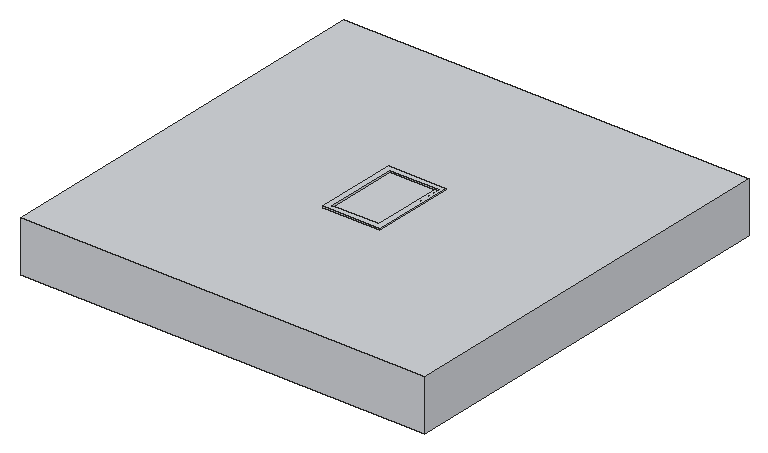
Revit family "M_Grelha de retorno - Retangular - Hospedada", category Terminais de ar, Revit 2019
Family settings
  Hospedeiro = Face
  Cota do conector redondo = Utilizar diâmetro
  Tipo de parte = Normal
  Número OmniClass = 23.75.70.21.27.11
  Título OmniClass = Diffusers, Registers, and Grilles
  ID de item do Seek = Return Grille - Rectangular - Hosted-0000-CAN-ENU
  Corte com vazios quando carregada = Não
  Compartilhado = Não
  Ponto de cálculo do ambiente = Não
Parameters (values of type "Padrão")
  Largura do duto [instance] = 300 mm
  Queda de pressão [instance] = 23.0 Pa
  Fluxo [instance] = 375.0 L/s
  Largura da grelha [instance] = Largura do duto + 45 mm  # 345 mm
  Altura da grelha [instance] = Altura do duto + 45 mm  # 495 mm
  NC = "20"
  Altura do duto [instance] = 450 mm
  Altura de meia grelha [instance] = Altura da grelha / 2  # 247.5 mm
  Elevação-padrão = 1200 mm
Reference planes
  plane 1 "Centro (Frente/Trás)": y = 0
  plane 2: z = 0
  plane 3 "Centro (Esquerda/Direita)": x = 0
  plane 4: y = 247.5
  plane 5: y = -247.5
  plane 6: x = -172.5
  plane 7: x = 172.5
  plane 8: y = 225
  plane 9: y = -225
  plane 10: x = -150
  plane 11: x = 150
  plane 12: y = 215.75
  plane 13: y = -215.75
  plane 14: x = 140.75
  plane 15: x = -140.75
  plane 16: z = 6.35
  plane 17: z = -19.05
  plane 18: z = -44.45
Forms (mm)
  Extrusion 1, solid
    sketch origin (0, 0, 0) x (1, 0, 0) y (0, 1, 0)
      loop
        line (-1219.2, 1215.6) -> (-1219.2, -1215.6) -> (1219.2, -1215.6) -> (1219.2, 1215.6) -> (-1219.2, 1215.6)
    from 0 to -304.8
  Extrusion 2, solid
    sketch origin (0, 0, 0) x (1, 0, 0) y (0, 1, 0)
      loop
        line (-172.5, 247.5) -> (-172.5, -247.5) -> (172.5, -247.5) -> (172.5, 247.5) -> (-172.5, 247.5)
    from 0 to 6.35
  Extrusion 3, solid
    sketch origin (0, 0, 0) x (1, 0, 0) y (0, 1, 0)
      loop
        line (-150, 225) -> (-150, -225) -> (150, -225) -> (150, 225) -> (-150, 225)
    from 0 to -44.45
  Extrusion 4, void
    sketch origin (0, 0, 0) x (1, 0, 0) y (0, 1, 0)
      loop
        line (-140.75, 215.75) -> (-140.75, -215.75) -> (140.75, -215.75) -> (140.75, 215.75) -> (-140.75, 215.75)
    from 6.35 to -19.05
Cuts and joins
  Extrusion 4 cuts Extrusion 2
  Extrusion 4 cuts Extrusion 3
  joined: Extrusion 2, Extrusion 3
Lines and regions (mm)
  symbolic lines
    curve 1: line (-172.5, 247.5, 0) -> (172.5, -247.5, 0)
Dimensions and locks
  "Altura da grelha": plane 5 to plane 4
  equal spacing: plane 6, plane 3 "Centro (Esquerda/Direita)", plane 7
  "Largura da grelha": plane 6 to plane 7
  equal spacing: plane 9, plane 1 "Centro (Frente/Trás)", plane 8
  "Altura do duto": plane 9 to plane 8
  equal spacing: plane 10, plane 3 "Centro (Esquerda/Direita)", plane 11
  "Largura do duto": plane 10 to plane 11
  locked: plane 12 to plane 4 at 31.75
  locked: plane 13 to plane 5 at 31.75
  locked: plane 14 to plane 7 at 31.75
  locked: plane 6 to plane 15 at 31.75
  locked: plane 16 to plane 2 at 6.35
  locked: plane 17 to plane 2 at 19.05
  locked: plane 18 to plane 17 at 25.4
  "Altura de meia grelha": plane 1 "Centro (Frente/Trás)" to plane 4
  "Altura de meia grelha": plane 5 to plane 1 "Centro (Frente/Trás)"
  aligned and locked: plane 2 to Extrusion 1
  aligned and locked: level to Extrusion 1
  aligned and locked: plane 6 to Extrusion 2 sketch curve
  aligned and locked: plane 4 to Extrusion 2 sketch curve
  aligned and locked: plane 5 to Extrusion 2 sketch curve
  aligned and locked: plane 7 to Extrusion 2 sketch curve
  aligned and locked: plane 10 to Extrusion 3 sketch curve
  aligned and locked: plane 8 to Extrusion 3 sketch curve
  aligned and locked: plane 9 to Extrusion 3 sketch curve
  aligned and locked: plane 11 to Extrusion 3 sketch curve
  aligned and locked: plane 15 to Extrusion 4 sketch curve
  aligned and locked: plane 12 to Extrusion 4 sketch curve
  aligned and locked: plane 13 to Extrusion 4 sketch curve
  aligned and locked: plane 14 to Extrusion 4 sketch curve
  aligned and locked: Extrusion 2 to plane 2
  aligned and locked: plane 16 to Extrusion 2
  aligned and locked: Extrusion 4 to plane 17
  aligned and locked: Extrusion 3 to plane 18
  aligned and locked: plane 16 to Extrusion 4
  aligned and locked: plane 5 to curve 1
  aligned and locked: plane 7 to curve 1
  aligned and locked: plane 4 to curve 1
  aligned and locked: plane 6 to curve 1
Automatic sketch dimensions
  Extrusion 1 sketch curve to Extrusion 1 sketch curve = 2438.4 mm
  Extrusion 1 sketch curve to Extrusion 1 sketch curve = 2431.2 mm
Connectors
  hvac at (0, 0, -44.45), driven by "Queda de pressão", driven by "Fluxo", driven by "Altura do duto", driven by "Largura do duto"
    settings: on Extrusion 3, index 1, duct flow 375.0 L/s, flow factor 0, pres drop 23.0 Pa, loss coef 0, conn angle 0.00°, conn width 300 mm, conn height 450 mm, conn diameter 609.6 mm, duct sys type 2, conn prof type 1, flow config 1, flow direction 2, loss method 4, conn ref index -1, conn util no, is conn primary yes, conn desc ""
